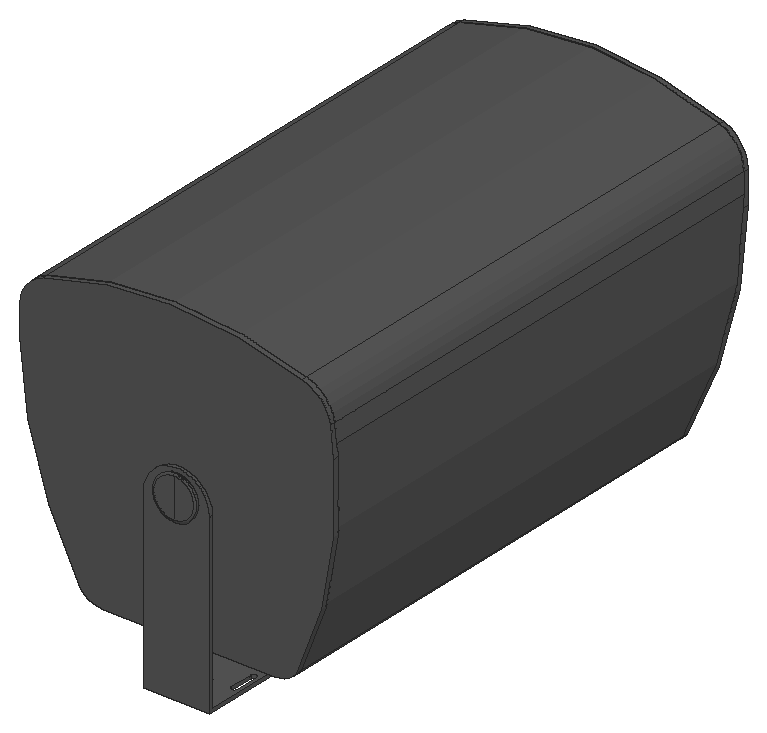
Revit family "Electronics_Desono_Biamp_Two-Way-High-Coaxial-Surface-Mount-Loudspeaker_EX-S10", category Communication Devices, host Face, Revit 2020
Family settings
  Host = Face
  Maintain Annotation Orientation = No
  Round Connector Dimension = Use Diameter
  Part Type = Normal
  OmniClass Number = 23.85.10.11.14.14.14
  Cut with Voids When Loaded = No
  Shared = No
  Room Calculation Point = No
Parameters (values of type "EX-S10-UB B")
  Width = 310 mm  # constant formula
  Weight = 15.20 kgf  # constant formula
  Vertical angle [instance] = 0.00°
  URL = "https://www.biamp.com/"
  Transducers = "LF 1 x 10 (250 mm) treated paper cone;HF 1 x 1.4 (35 mm) voice coil compression driver"  # constant formula
  Sensitivity = "1 m; 91 dB (2.83 V); 91 dB (1 W, 8 Ω)"  # constant formula
  Rotate bracket [instance] = if(Portrait, 0.00°, 90.00°)  # 0.00°
  Required Accessory = "48 Hz, 18 dB / oct. Butterworth high pass flter; DSP preset"  # constant formula
  Recommended Amplifers = "300 W - 600 W, 8 Ω (49 V - 69 V)"  # constant formula
  Rated Maximum SPL = "Peak - 126dB, Continuous - 114dB"  # constant formula
  Rated Continuous Voltage = "45.7 V (33 dBV)"  # constant formula
  Product data url = "https://bimobject.com/biamp/product/desono-ex-s10_desono-surface-mount"
  Product Page URL = "https://www.biamp.com/products/product-families/desono/surface-mount-loudspeakers#desono-ex-s10"
  Product Documentation Link = "https://downloads.biamp.com/assets/docs/default-source/data-sheets/biamp_data_sheet_desono_ex-s10_surface_mount_loudspeaker_feb22b.pdf"
  Portrait [instance] = yes
  Offset speaker [instance] = if(and(EXUB, Landscape), 149.4 mm, if(and(EXUB, Portrait), 124.7 mm, 325 mm))  # 124.7 mm
  Offset [instance] = if(and(EXUB, Landscape), 152.9 mm, if(and(EXUB, Portrait), 177.9 mm, 63.1 mm))  # 177.9 mm
  Nom Vertical angle [instance] = if(and(and(Portrait, not(EXUB)), or(Vertical angle < -32.00°, Vertical angle = -32.00°)), -32.00°, if(and(and(Portrait, not(EXUB)), and(Vertical angle > -32.00°, Vertical angle < 24.00°)), Vertical angle, if(and(and(Portrait, not(EXUB)), or(Vertical angle > 24.00°, Vertical angle = 24.00°)), 24.00°, if(and(and(Landscape, not(EXUB)), or(Vertical angle < -56.00°, Vertical angle = -56.00°)), -56.00°, if(and(and(Landscape, not(EXUB)), and(Vertical angle > -56.00°, Vertical angle < 40.00°)), Vertical angle, if(and(and(Landscape, not(EXUB)), or(Vertical angle > 40.00°, Vertical angle = 40.00°)), 40.00°, if(and(and(EXUB, Landscape), or(Vertical angle < -100.00°, Vertical angle = -100.00°)), -100.00°, if(and(and(EXUB, Landscape), and(Vertical angle > -100.00°, Vertical angle < 100.00°)), Vertical angle, if(and(and(EXUB, Landscape), or(Vertical angle > 100.00°, Vertical angle = 100.00°)), 100.00°, 0.00°)))))))))  # 0.00°
  Nom Horizontal angle [instance] = if(and(and(Portrait, not(EXUB)), or(Horizontal angle < -60.00°, Horizontal angle = -60.00°)), -60.00°, if(and(and(Portrait, not(EXUB)), and(Horizontal angle > -60.00°, Horizontal angle < 60.00°)), Horizontal angle, if(and(and(Portrait, not(EXUB)), or(Horizontal angle > 60.00°, Horizontal angle = 60.00°)), 60.00°, if(and(and(Landscape, not(EXUB)), or(Horizontal angle < -24.00°, Horizontal angle = -24.00°)), -24.00°, if(and(and(Landscape, not(EXUB)), and(Horizontal angle > -24.00°, Horizontal angle < 24.00°)), Horizontal angle, if(and(and(Landscape, not(EXUB)), or(Horizontal angle > 24.00°, Horizontal angle = 24.00°)), 24.00°, if(and(Landscape, EXUB), 0.00°, if(and(and(EXUB, Portrait), or(Horizontal angle < -100.00°, Horizontal angle = -100.00°)), -100.00°, if(and(and(EXUB, Portrait), and(Horizontal angle > -100.00°, Horizontal angle < 100.00°)), Horizontal angle, if(and(and(EXUB, Portrait), or(Horizontal angle > 100.00°, Horizontal angle = 100.00°)), 100.00°, 0.00°))))))))))  # 0.00°
  Operating Range (-10dB) = "48 Hz to 20 kHz "  # constant formula
  Operating Mode = "Passive with selectable low-impedance or 70 V/100 V operation"  # constant formula
  Operating Environment = "Indoor/Outdoor"  # constant formula
  Nominal Maximum SPL = "Peak - 124dB; Continuous - 118dB"  # constant formula
  Nominal Continuous Power Handling = "49 V  (300 W, 8 Ω Nominal Impedance)"  # constant formula
  Mounting Provisions = "ClickMount pan-tilt bracket or ClickMount U-Bracket"  # constant formula
  Model = "EX-S10-UB B"
  Manufacturer = "Biamp"  # constant formula
  Landscape [instance] = not(Portrait)  # no
  Input Connection = "Lever-actuated wire clamping 4-position terminal block with pass-through"  # constant formula
  Housing Material = Biamp - Plastic - Black
  Horizontal angle [instance] = 0.00°
  Height = 529 mm  # constant formula
  Grill Material = Biamp - Plastic - Black(Grid)
  Finish = "Refer to the Technical Drawings (pages 3-4)"  # constant formula
  Environmental Rating = "IP54 per IEC 60529, IEC 60068-2-5 (Solar Radiation),IEC 60068-2-11 (Salt Mist), IEC 60068-2-42 (SO2),IEC 60068-2-60 (Chlorine)"  # constant formula
  EXUB_PRT [instance] = and(EXUB, Portrait)  # yes
  EXUB_LSP [instance] = and(EXUB, Landscape)  # no
  EXUB = yes
  Description = "Desono™ EX-S10 Two-Way Coaxial 10 Surface Mount Loudspeaker"  # constant formula
  Depth = 312 mm  # constant formula
  Default Elevation = 1219.2 mm
  Crossover / Protection = "1.48 kHz crossover, driver protection circuitry"  # constant formula
  Controls = "Wattage / low impedance selector switch "  # constant formula
  Connector Description = "Terminal block; 40V 200W 8Ω Nominal Impedance, 70/100V operation"  # constant formula
  Compliance = "ETL listed to comply with UL 1480A;CSA STD C22.2# 62368-1; EN54-24, ISO 7240-24, IEC 62368-1"  # constant formula
  CMX-LG = no
  Bracket Material = Biamp - Plastic - Black
  Transformer = "70 V: 120 W, 60 W, 30 W, 15 W;  100 V: 120 W, 60 W, 30 W"  # constant formula
  Nominal Beamwidth (H x V) = "100° x 100°"  # constant formula
  Angle note [instance] = if(EXUB, "This product has predetermined angles in 10 degree increments", "This product has predetermined aiming increments of 8 degrees in the vertical plane and 12 degrees in the horizontal plane")  # "This product has predetermined angles in 10 degree increments"
Reference planes
  plane 1 "Center (Front/Back)": y = 0
  plane 2: z = 0
  plane 3 "Center (Left/Right)": x = 0
Forms (mm)
  Sweep 1, solid, material "Biamp - Plastic - Black" <- "Bracket Material", visible <- "EXUB", detail levels coarse
    path origin (0, 0, 0) x (0, 1, 0) y (-1, 0, 0)
      loop
        line (0, -33.138) -> (0, 32.862)
    profile origin (0.138, 0, 0) x (0, -1, 0) y (0, 0, 1)
      loop
        line (270, 0) -> (270, 215) -> (267, 215) -> (267, 3) -> (-267, 3) -> (-267, 215) -> (-270, 215) -> (-270, 0) -> (270, 0)
  Sweep 2, solid, material "Biamp - Plastic - Black" <- "Bracket Material", visible <- "EXUB", detail levels medium+fine
    path origin (0, 0, 0) x (0, 1, 0) y (-1, 0, 0)
      loop
        line (0, -33.138) -> (0, 32.862)
    profile origin (0.138, 0, 0) x (0, -1, 0) y (0, 0, 1)
      loop
        line (258.5, 0) -> (258.5, 215) -> (255.5, 215) -> (255.5, 3) -> (-255.5, 3) -> (-255.5, 215) -> (-258.5, 215) -> (-258.5, 0) -> (258.5, 0)
  Sweep 3, void
    path origin (0, 0, 0) x (0, 1, 0) y (-1, 0, 0)
      loop
        line (-270, -0.138) -> (270, -0.138)
    profile origin (0.138, 0, 0) x (-1, 0, 0) y (0, 0, 1)
      loop
        line (33, 175) -> (33, 215) -> (-33, 215) -> (-33, 175)
        arc (-33, 175) -> (0, 208) -> (33, 175) r 33
  Sweep 4, void
    path origin (0, 0, 0) x (0, 1, 0) y (-1, 0, 0)
      loop
        line (-270, -0.138) -> (270, -0.138)
    profile origin (0.138, 0, 0) x (-1, 0, 0) y (0, 0, 1)
      loop
        circle (0, 182) r 5
  Extrusion 5, void
    sketch origin (0, 0, 0) x (0, 1, 0) y (-1, 0, 0)
      loop
        circle (0, 0) r 6.5
      loop
        arc (-226.566, -2.156) -> (-222.5, -6.221) -> (-218.434, -2.156) r 4.066
        line (-218.434, -2.156) -> (-218.434, 2.156)
        arc (-218.434, 2.156) -> (-222.5, 6.221) -> (-226.566, 2.156) r 4.066
        line (-226.566, 2.156) -> (-226.566, -2.156)
      loop
        arc (-219.397, 29.559) -> (-222.5, 26.456) -> (-219.397, 23.353) r 3.103
        line (-219.397, 23.353) -> (-195.603, 23.353)
        arc (-195.603, 23.353) -> (-192.5, 26.456) -> (-195.603, 29.559) r 3.103
        line (-195.603, 29.559) -> (-219.397, 29.559)
      loop
        line (-219.397, -29.559) -> (-195.603, -29.559)
        arc (-195.603, -29.559) -> (-192.5, -26.456) -> (-195.603, -23.353) r 3.103
        line (-195.603, -23.353) -> (-219.397, -23.353)
        arc (-219.397, -23.353) -> (-222.5, -26.456) -> (-219.397, -29.559) r 3.103
      loop
        arc (-78, 6.5) -> (-84.5, 0) -> (-78, -6.5) r 6.5
        line (-78, -6.5) -> (-56, -6.5)
        arc (-56, -6.5) -> (-49.5, 0) -> (-56, 6.5) r 6.5
        line (-56, 6.5) -> (-78, 6.5)
      loop
        line (226.566, -2.156) -> (226.566, 2.156)
        arc (226.566, 2.156) -> (222.5, 6.221) -> (218.434, 2.156) r 4.066
        line (218.434, 2.156) -> (218.434, -2.156)
        arc (218.434, -2.156) -> (222.5, -6.221) -> (226.566, -2.156) r 4.066
      loop
        line (219.397, 29.559) -> (195.603, 29.559)
        arc (195.603, 29.559) -> (192.5, 26.456) -> (195.603, 23.353) r 3.103
        line (195.603, 23.353) -> (219.397, 23.353)
        arc (219.397, 23.353) -> (222.5, 26.456) -> (219.397, 29.559) r 3.103
      loop
        arc (219.397, -29.559) -> (222.5, -26.456) -> (219.397, -23.353) r 3.103
        line (219.397, -23.353) -> (195.603, -23.353)
        arc (195.603, -23.353) -> (192.5, -26.456) -> (195.603, -29.559) r 3.103
        line (195.603, -29.559) -> (219.397, -29.559)
      loop
        line (78, 6.5) -> (56, 6.5)
        arc (56, 6.5) -> (49.5, 0) -> (56, -6.5) r 6.5
        line (56, -6.5) -> (78, -6.5)
        arc (78, -6.5) -> (84.5, 0) -> (78, 6.5) r 6.5
    from 0 to 16.017
  Revolve 6, solid, material "Biamp - Plastic - Black" <- "Bracket Material", visible <- "EXUB", detail levels medium+fine
    sketch origin (0, 0, 0) x (0, 1, 0) y (0, 0, 1)
      loop
        line (258.5, 186.766) -> (248.5, 186.766) -> (248.5, 182.016) -> (261.407, 182.016) -> (261.407, 201.922)
        arc (261.407, 201.922) -> (261.169, 202.994) -> (260.5, 203.866) r 2.538
        line (260.5, 203.866) -> (258.5, 203.866) -> (258.5, 186.766)
      loop
        line (-258.5, 186.766) -> (-258.5, 203.866) -> (-260.5, 203.866)
        arc (-260.5, 203.866) -> (-261.169, 202.994) -> (-261.407, 201.922) r 2.538
        line (-261.407, 201.922) -> (-261.407, 182.016) -> (-248.5, 182.016) -> (-248.5, 186.766) -> (-258.5, 186.766)
      axis (261.407, 182.016) -> (-261.407, 182.016)
    angle from 0 to 360
Cuts and joins
  Sweep 3, Sweep 4, Extrusion 5 cuts Sweep 2
  Extrusion 5 cuts Sweep 1
Lines and regions (mm)
  Masking region 1, visible <- "EXUB_PRT"
    outline origin (0, 0, 0) x (1, 0, 0) y (0, 0, 1)
      loop
        arc (0.138, 208) -> (-23.196, 198.335) -> (-32.862, 175) r 33
        line (-32.862, 175) -> (-32.862, 0) -> (33.138, 0) -> (33.138, 175)
        arc (33.138, 175) -> (23.473, 198.335) -> (0.138, 208) r 33
  Masking region 2, visible <- "EXUB_PRT"
    outline origin (0, 0, 31.016) x (1, 0, 0) y (0, 0, 1)
      loop
        circle (0, 151) r 21.85
  Masking region 3, visible <- "EXUB_LSP", detail levels medium+fine
    outline origin (0, 0, 0) x (1, 0, 0) y (0, 0, 1)
      loop
        line (-255.5, 3) -> (-255.5, 207.83) -> (-258.5, 207.83) -> (-258.5, 0) -> (258.5, 0) -> (258.5, 207.83) -> (255.5, 207.83) -> (255.5, 3) -> (-255.5, 3)
  Masking region 4, visible <- "EXUB_LSP", detail levels coarse
    outline origin (0, 0, 0) x (1, 0, 0) y (0, 0, 1)
      loop
        line (-255.5, 3) -> (-255.5, 207.83) -> (-258.5, 207.83) -> (-258.5, 0) -> (258.5, 0) -> (258.5, 207.83) -> (255.5, 207.83) -> (255.5, 3) -> (-255.5, 3)
  Masking region 5, visible <- "EXUB_LSP", detail levels medium+fine
    outline origin (0, 0, 0) x (1, 0, 0) y (0, 0, 1)
      loop
        line (-258.5, 203.866) -> (-260.5, 203.866)
        arc (-260.5, 203.866) -> (-261.215, 202.97) -> (-261.47, 201.852) r 2.576
        line (-261.47, 201.852) -> (-261.47, 162.179)
        arc (-261.47, 162.179) -> (-261.215, 161.061) -> (-260.5, 160.165) r 2.576
        line (-260.5, 160.165) -> (-258.5, 160.165) -> (-258.5, 177.265) -> (-248.5, 177.265) -> (-248.5, 186.766) -> (-258.5, 186.766) -> (-258.5, 203.866)
      loop
        line (258.5, 203.866) -> (258.5, 186.766) -> (248.5, 186.766) -> (248.5, 177.265) -> (258.5, 177.265) -> (258.5, 160.165) -> (260.5, 160.165)
        arc (260.5, 160.165) -> (261.215, 161.061) -> (261.47, 162.179) r 2.576
        line (261.47, 162.179) -> (261.47, 201.852)
        arc (261.47, 201.852) -> (261.215, 202.97) -> (260.5, 203.866) r 2.576
        line (260.5, 203.866) -> (258.5, 203.866)
  Masking region 6, visible <- "EXUB_PRT", detail levels medium+fine
    outline origin (0, 0, 0) x (0, 1, 0) y (0, 0, 1)
      loop
        line (258.5, 208) -> (255.5, 208) -> (255.5, 3) -> (-255.5, 3) -> (-255.5, 208) -> (-258.5, 208) -> (-258.5, 0) -> (258.5, 0) -> (258.5, 208)
  Masking region 7, visible <- "EXUB_PRT", detail levels coarse
    outline origin (0, 0, 0) x (0, 1, 0) y (0, 0, 1)
      loop
        line (258.5, 208) -> (255.5, 208) -> (255.5, 3) -> (-255.5, 3) -> (-255.5, 208) -> (-258.5, 208) -> (-258.5, 0) -> (258.5, 0) -> (258.5, 208)
  Masking region 8, visible <- "EXUB_PRT", detail levels medium+fine
    outline origin (0, 0, 0) x (0, 1, 0) y (0, 0, 1)
      loop
        line (258.5, 203.866) -> (258.5, 186.766) -> (248.5, 186.766) -> (248.5, 177.265) -> (258.5, 177.265) -> (258.5, 160.165) -> (260.5, 160.165)
        arc (260.5, 160.165) -> (261.185, 161.243) -> (261.424, 162.496) r 3.403
        line (261.424, 162.496) -> (261.424, 201.535)
        arc (261.424, 201.535) -> (261.185, 202.789) -> (260.5, 203.866) r 3.403
        line (260.5, 203.866) -> (258.5, 203.866)
      loop
        line (-258.5, 203.866) -> (-260.5, 203.866)
        arc (-260.5, 203.866) -> (-261.185, 202.789) -> (-261.424, 201.535) r 3.403
        line (-261.424, 201.535) -> (-261.424, 162.496)
        arc (-261.424, 162.496) -> (-261.185, 161.243) -> (-260.5, 160.165) r 3.403
        line (-260.5, 160.165) -> (-258.5, 160.165) -> (-258.5, 177.265) -> (-248.5, 177.265) -> (-248.5, 186.766) -> (-258.5, 186.766) -> (-258.5, 203.866)
  Masking region 9, visible <- "EXUB_LSP"
    outline origin (0, 0, 0) x (0, 1, 0) y (0, 0, 1)
      loop
        arc (-0.138, 208) -> (-23.473, 198.335) -> (-33.138, 175) r 33
        line (-33.138, 175) -> (-33.138, 0) -> (32.862, 0) -> (32.862, 175)
        arc (32.862, 175) -> (23.196, 198.335) -> (-0.138, 208) r 33
  Masking region 10, visible <- "EXUB_LSP"
    outline origin (0, 0, 0) x (0, 1, 0) y (0, 0, 1)
      loop
        circle (0, 182.016) r 21.85
  reference lines
    curve 1: line (0, 0, 0) -> (0, 600, 0)
Dimensions and locks
  "Rotate bracket": angle curve 1 to plane 3 "Center (Left/Right)"
  aligned and locked: plane 2 to host face
  aligned and locked: level to host face
  aligned and locked: plane 1 "Center (Front/Back)" to curve 1
  aligned and locked: plane 3 "Center (Left/Right)" to curve 1
Automatic sketch dimensions
  host sketch curve to host sketch curve = 2438.4 mm  (x2)
  curve 1 to Sweep 1 sketch curve = 0 mm
  curve 1 to Sweep 1 sketch curve = 33.138 mm
  Sweep 1 sketch curve to Sweep 1 sketch curve = 66 mm
  Sweep 2 sketch curve to curve 1 = 0 mm
  Sweep 2 sketch curve to curve 1 = 33.138 mm
  curve 1 to Sweep 2 sketch curve = 32.862 mm
  Sweep 3 sketch curve to profile plane = 0 mm
  Sweep 3 sketch curve to profile plane = 33 mm
  level to Sweep 3 sketch curve = 175 mm
  Sweep 3 sketch curve to Sweep 3 sketch curve = 40 mm
  curve 1 to Sweep 4 sketch curve = 0.138 mm
  Sweep 4 sketch curve to curve 1 = 270 mm
  curve 1 to Sweep 4 sketch curve = 270 mm
  curve 1 to Sweep 3 sketch curve = 0.138 mm
  Sweep 3 sketch curve to curve 1 = 270 mm
  curve 1 to Sweep 3 sketch curve = 270 mm
  Extrusion 5 sketch curve to curve 1 = 0 mm  (x3)
  curve 1 to Extrusion 5 sketch curve = 0 mm
  Extrusion 5 sketch curve to Extrusion 5 sketch curve = 56 mm
  curve 1 to Extrusion 5 sketch curve = 6.5 mm  (x2)
  Extrusion 5 sketch curve to Extrusion 5 sketch curve = 22 mm  (x2)
  curve 1 to Extrusion 5 sketch curve = 26.456 mm
  Extrusion 5 sketch curve to Extrusion 5 sketch curve = 117.603 mm  (x2)
  Extrusion 5 sketch curve to curve 1 = 23.353 mm
  Extrusion 5 sketch curve to Extrusion 5 sketch curve = 0 mm  (x2)
  Extrusion 5 sketch curve to curve 1 = 2.156 mm  (x2)
  Extrusion 5 sketch curve to Extrusion 5 sketch curve = 22.832 mm  (x2)
  Extrusion 5 sketch curve to Extrusion 5 sketch curve = 23.794 mm  (x3)
  Extrusion 5 sketch curve to Extrusion 5 sketch curve = 4.066 mm  (x2)
  curve 1 to Extrusion 5 sketch curve = 56 mm
  curve 1 to Extrusion 5 sketch curve = 23.353 mm
  Extrusion 5 sketch curve to curve 1 = 29.559 mm
  Extrusion 5 sketch curve to Extrusion 5 sketch curve = 0.963 mm
  Extrusion 5 sketch curve to Extrusion 5 sketch curve = 6.206 mm  (x2)
  Extrusion 5 sketch curve to Extrusion 5 sketch curve = 3.103 mm  (x2)
  curve 1 to Extrusion 5 sketch curve = 2.156 mm  (x2)
  Revolve 6 sketch curve to curve 1 = 261.407 mm
  Revolve 6 sketch curve to Revolve 6 sketch curve = 0.907 mm  (x2)
  Revolve 6 sketch curve to Revolve 6 sketch curve = 1.631 mm
  Revolve 6 sketch curve to Revolve 6 sketch curve = 2.907 mm
  Revolve 6 sketch curve to Revolve 6 sketch curve = 10 mm  (x2)
  curve 1 to Revolve 6 sketch curve = 248.5 mm
  Revolve 6 sketch curve to Revolve 6 sketch curve = 0.369 mm
  Revolve 6 sketch curve to Revolve 6 sketch curve = 2 mm
  Revolve 6 sketch curve to curve 1 = 182.016 mm  (x2)
  Revolve 6 sketch curve to Revolve 6 sketch curve = 4.751 mm  (x2)
  Revolve 6 sketch curve to Revolve 6 sketch curve = 15.155 mm  (x2)
  Revolve 6 sketch curve to Revolve 6 sketch curve = 5.421 mm
  Revolve 6 sketch curve to Revolve 6 sketch curve = 8.923 mm
  Revolve 6 sketch curve to Revolve 6 sketch curve = 0 mm
  Masking region 1 sketch curve to Masking region 1 sketch curve = 0 mm  (x2)
  Masking region 1 sketch curve to level = 0 mm
  Masking region 1 sketch curve to plane 3 "Center (Left/Right)" = 32.862 mm
  plane 3 "Center (Left/Right)" to Masking region 1 sketch curve = 0.138 mm
  Masking region 1 sketch curve to Masking region 1 sketch curve = 175 mm
  Masking region 2 sketch curve to Masking region 2 sketch curve = 0 mm  (x2)
  Masking region 2 sketch curve to plane 3 "Center (Left/Right)" = 0 mm
  level to Masking region 2 sketch curve = 182.016 mm
  Masking region 2 sketch curve to Masking region 2 sketch curve = 21.85 mm
  Masking region 3 sketch curve to level = 0 mm
  Masking region 3 sketch curve to plane 3 "Center (Left/Right)" = 258.5 mm
  Masking region 3 sketch curve to Masking region 3 sketch curve = 3 mm  (x2)
  level to Masking region 3 sketch curve = 3 mm
  plane 3 "Center (Left/Right)" to Masking region 3 sketch curve = 255.5 mm
  Masking region 3 sketch curve to Masking region 3 sketch curve = 204.83 mm  (x2)
  Masking region 4 sketch curve to level = 0 mm
  Masking region 4 sketch curve to plane 3 "Center (Left/Right)" = 258.5 mm
  Masking region 4 sketch curve to Masking region 4 sketch curve = 3 mm  (x2)
  plane 3 "Center (Left/Right)" to Masking region 4 sketch curve = 255.5 mm
  level to Masking region 4 sketch curve = 3 mm
  Masking region 4 sketch curve to Masking region 4 sketch curve = 204.83 mm  (x2)
  Masking region 5 sketch curve to plane 3 "Center (Left/Right)" = 261.47 mm
  Masking region 5 sketch curve to Masking region 5 sketch curve = 0.97 mm  (x3)
  Masking region 5 sketch curve to Masking region 5 sketch curve = 1.606 mm
  Masking region 5 sketch curve to Masking region 5 sketch curve = 2.576 mm
  Masking region 5 sketch curve to Masking region 5 sketch curve = 0.394 mm  (x3)
  Masking region 5 sketch curve to Masking region 5 sketch curve = 2 mm  (x3)
  Masking region 5 sketch curve to Masking region 5 sketch curve = 10 mm  (x2)
  plane 3 "Center (Left/Right)" to Masking region 5 sketch curve = 248.5 mm
  Masking region 5 sketch curve to Masking region 5 sketch curve = 0 mm
  level to Masking region 5 sketch curve = 160.165 mm  (x2)
  Masking region 5 sketch curve to Masking region 5 sketch curve = 15.086 mm  (x4)
  Masking region 5 sketch curve to Masking region 5 sketch curve = 9.502 mm  (x2)
  Masking region 6 sketch curve to level = 0 mm
  plane 1 "Center (Front/Back)" to Masking region 6 sketch curve = 258.5 mm
  Masking region 6 sketch curve to Masking region 6 sketch curve = 3 mm  (x2)
  Masking region 6 sketch curve to plane 1 "Center (Front/Back)" = 255.5 mm
  level to Masking region 6 sketch curve = 3 mm
  Masking region 6 sketch curve to Masking region 6 sketch curve = 205 mm  (x2)
  Masking region 7 sketch curve to level = 0 mm
  plane 1 "Center (Front/Back)" to Masking region 7 sketch curve = 258.5 mm
  Masking region 7 sketch curve to Masking region 7 sketch curve = 3 mm  (x2)
  Masking region 7 sketch curve to plane 1 "Center (Front/Back)" = 255.5 mm
  level to Masking region 7 sketch curve = 3 mm
  Masking region 7 sketch curve to Masking region 7 sketch curve = 205 mm  (x2)
  plane 1 "Center (Front/Back)" to Masking region 8 sketch curve = 261.424 mm
  Masking region 8 sketch curve to Masking region 8 sketch curve = 0.924 mm  (x3)
  Masking region 8 sketch curve to Masking region 8 sketch curve = 2 mm  (x4)
  Masking region 8 sketch curve to Masking region 8 sketch curve = 0.479 mm  (x4)
  Masking region 8 sketch curve to Masking region 8 sketch curve = 10 mm
  Masking region 8 sketch curve to plane 1 "Center (Front/Back)" = 248.5 mm
  Masking region 8 sketch curve to Masking region 8 sketch curve = 9.521 mm  (x2)
  level to Masking region 8 sketch curve = 160.165 mm  (x2)
  Masking region 8 sketch curve to Masking region 8 sketch curve = 14.769 mm  (x4)
  Masking region 8 sketch curve to Masking region 8 sketch curve = 9.502 mm  (x2)
  Masking region 9 sketch curve to Masking region 9 sketch curve = 0 mm  (x2)
  Masking region 9 sketch curve to level = 0 mm
  plane 1 "Center (Front/Back)" to Masking region 9 sketch curve = 33.138 mm
  plane 1 "Center (Front/Back)" to Masking region 9 sketch curve = 0.138 mm
  Masking region 9 sketch curve to Masking region 9 sketch curve = 175 mm
  Masking region 10 sketch curve to Masking region 10 sketch curve = 0 mm  (x2)
  Masking region 10 sketch curve to plane 1 "Center (Front/Back)" = 0 mm
  level to Masking region 10 sketch curve = 182.016 mm
  Masking region 10 sketch curve to Masking region 10 sketch curve = 21.85 mm
  Sweep 1 sketch curve to profile plane = 0 mm
  profile plane to Sweep 1 sketch curve = 270 mm
  Sweep 1 sketch curve to Sweep 1 sketch curve = 3 mm  (x2)
  Sweep 1 sketch curve to profile plane = 267 mm
  profile plane to Sweep 1 sketch curve = 3 mm
  Sweep 1 sketch curve to Sweep 1 sketch curve = 212 mm  (x2)
  Sweep 4 sketch curve to profile plane = 0 mm
  profile plane to Sweep 4 sketch curve = 182 mm
  Sweep 2 sketch curve to profile plane = 0 mm
  profile plane to Sweep 2 sketch curve = 258.5 mm
  Sweep 2 sketch curve to Sweep 2 sketch curve = 3 mm  (x2)
  Sweep 2 sketch curve to profile plane = 255.5 mm
  profile plane to Sweep 2 sketch curve = 3 mm
  Sweep 2 sketch curve to Sweep 2 sketch curve = 212 mm  (x2)
  radius of Extrusion 5 sketch curve = 6.5 mm
  radius of Sweep 4 sketch curve = 5 mm
Nested families
  nested 1: "CMX-LG" at (0, 0, 0) x (0, 1, 0) z (0, 0, 1), Vertical angle <- "Nom Vertical angle", Horizontal angle <- "Nom Horizontal angle", Housing Material <- "Bracket Material", Vertical <- "Portrait", Offset <- "Offset", visible <- "CMX-LG", type "CMX-LG"
    with Vertical angle 0.00°, Vertical yes, Offset 177.9 mm, Housing Material Biamp - Plastic - Black, Horizontal angle 0.00°
  nested 2: "EX-S10" at (0, -0.138, 50.207) x (0, -1, 0) z (0, 0, 1), Offset <- "Offset speaker", Housing Material <- "Housing Material", Grill Material <- "Grill Material", type "EX-S10"
    with Offset 124.7 mm, Housing Material Biamp - Plastic - Black, Grill Material Biamp - Plastic - Black(Grid)
Connectors
  electrical at (0, -0.138, 47.407), driven by "Connector Description"
    settings: on nested 2, index 1, voltage 0 V, apparent load 0 VA, apparent load phase1 0 VA, apparent load phase2 0 VA, apparent load phase3 0 VA, power factor 1, load classification "Other", number of poles 1, system type 5, power factor state 1, is connector primary yes, connector utility no, sub classification motor no, connector description "Terminal block; 40V 200W 8Ω Nominal Impedance, 70/100V operation"
Definition of nested family "CMX-LG"
  Parameters (values of type "CMX-LG")
    Horizontal angle [instance] = 0.00°
    Vertical [instance] = yes
    Offset [instance] = 63.056 mm
    Housing Material [instance] = none
    Vertical angle [instance] = 30.00°
    Height = 0 mm
    Default Elevation = 1219.2 mm
  Reference planes
    plane 1 "Center (Front/Back)": y = 0
    plane 2: z = 0
    plane 3 "Center (Left/Right)": x = 0
    plane 4: z = 63.056
  Forms (mm)
    Extrusion 1, solid, material <- "Housing Material", detail levels coarse
      sketch origin (0, 0, 0) x (1, 0, 0) y (0, 1, 0)
        loop
          line (-80, 56) -> (-80, -56) -> (80, -56) -> (80, 56) -> (-80, 56)
      from 0 to 20
    Extrusion 2, solid, material <- "Housing Material", detail levels medium+fine
      sketch origin (0, 0, 0) x (0, 1, 0) y (0, 0, 1)
        loop
          line (56, 0) -> (56, 4.183)
          arc (56, 4.183) -> (52.896, 12.549) -> (45.087, 16.866) r 12.827
          arc (45.087, 16.866) -> (0, 20.247) -> (-45.087, 16.866) r 302.265
          arc (-45.087, 16.866) -> (-52.896, 12.549) -> (-56, 4.183) r 12.827
          line (-56, 4.183) -> (-56, 0) -> (56, 0)
      from -80 to 80
    Extrusion 3, void
      sketch origin (0, 0, 0) x (1, 0, 0) y (0, 0, 1)
        loop
          line (-80.495, -10.664) -> (-75.45, 17.947)
          arc (-75.45, 17.947) -> (-75.306, 18.377) -> (-75.041, 18.745) r 1.525
          arc (-75.041, 18.745) -> (-73.835, 19.722) -> (-72.432, 20.387) r 6.545
          line (-72.432, 20.387) -> (-72.432, 25) -> (-80.495, 25) -> (-80.495, -10.664)
        loop
          line (80.495, -10.664) -> (80.495, 25) -> (72.432, 25) -> (72.432, 20.387)
          arc (72.432, 20.387) -> (73.835, 19.722) -> (75.041, 18.745) r 6.545
          arc (75.041, 18.745) -> (75.306, 18.377) -> (75.45, 17.947) r 1.525
          line (75.45, 17.947) -> (80.495, -10.664)
      from -63.983 to 65.712
    Extrusion 4, void
      sketch origin (0, 0, 0) x (1, 0, 0) y (0, 1, 0)
        loop
          arc (-31.15, 33.05) -> (-38.221, 30.121) -> (-41.15, 23.05) r 10
          line (-41.15, 23.05) -> (-41.15, -23.05)
          arc (-41.15, -23.05) -> (-38.221, -30.121) -> (-31.15, -33.05) r 10
          line (-31.15, -33.05) -> (31.15, -33.05)
          arc (31.15, -33.05) -> (38.221, -30.121) -> (41.15, -23.05) r 10
          line (41.15, -23.05) -> (41.15, 23.05)
          arc (41.15, 23.05) -> (38.221, 30.121) -> (31.15, 33.05) r 10
          line (31.15, 33.05) -> (-31.15, 33.05)
      from 16.017 to 22.705
    Extrusion 5, void
      sketch origin (115, 0, 0) x (0, 0, -1) y (-1, 0, 0)
        loop
          line (-79.901, 155) -> (-79.901, 145.008) -> (-16.017, 155) -> (-79.901, 155)
        loop
          line (-79.901, 75) -> (-16.017, 75) -> (-79.901, 84.992) -> (-79.901, 75)
        loop
          line (-79.901, 97.5) -> (-16.017, 97.5) -> (-16.017, 132.5) -> (-79.901, 132.5) -> (-79.901, 97.5)
      from -27.272 to 27.706
    Extrusion 6, void
      sketch origin (115, 0, 0) x (0, 0, -1) y (0, -1, 0)
        loop
          circle (-63.68, 0) r 10.5
      from 49.62 to 167.206
    Sweep 7, solid, material <- "Housing Material"
      path origin (0, 0, 0) x (1, 0, 0) y (0, 1, 0)
        loop
          line (-40, -0.017) -> (40, -0.017)
      profile origin (0, -0.017, 0) x (0, 1, 0) y (0, 0, 1)
        loop
          spline (24.51, 16.017) -> (24.204, 19.179) -> (23.855, 22.337) -> (23.463, 25.49) -> (23.028, 28.637) -> (22.55, 31.779) -> (22.03, 34.914) -> (21.466, 38.042) -> (20.86, 41.162) -> (20.211, 44.274) -> (19.52, 47.377) -> (18.786, 50.471) -> (18.011, 53.556)
          arc (18.011, 53.556) -> (15.779, 61.587) -> (13.261, 69.533) r 233.192
          arc (13.261, 69.533) -> (0.02, 78.994) -> (-13.225, 69.538) r 14
          arc (-13.225, 69.538) -> (-20.469, 43.127) -> (-24.344, 16.017) r 218.032
          line (-24.344, 16.017) -> (24.51, 16.017)
  Cuts and joins
    Extrusion 3, Extrusion 4, Extrusion 5 cuts Extrusion 2
    Extrusion 4, Extrusion 5, Extrusion 6 cuts Extrusion 1
    Extrusion 5, Extrusion 6 cuts Sweep 7
  Lines and regions (mm)
    Masking region 1
      outline origin (0, 0, 0) x (1, 0, 0) y (0, 1, 0)
        loop
          line (-80, 56) -> (-80, -56) -> (80, -56) -> (80, 56) -> (-80, 56)
    Masking region 2
      outline origin (115, 0, 0) x (0, 0, 1) y (-1, 0, 0)
        loop
          line (0, 35.935) -> (20.009, 40.501) -> (20.009, 72.816) -> (79.276, 85.413) -> (79.276, 97.592) -> (20.009, 97.592) -> (20.009, 132.592) -> (79.276, 132.592) -> (79.276, 145.396) -> (20.009, 157.994) -> (20.009, 190.089) -> (0, 193.617) -> (0, 35.935)
    Masking region 3
      outline origin (115, 0, 0) x (0, 0, 1) y (0, -1, 0)
        loop
          line (0, 56.066) -> (0, -56.284) -> (4.183, -56.284)
          arc (4.183, -56.284) -> (12.549, -53.18) -> (16.866, -45.371) r 12.827
          arc (16.866, -45.371) -> (20.26, -0.109) -> (16.866, 45.153) r 303.439
          arc (16.866, 45.153) -> (12.549, 52.962) -> (4.183, 56.066) r 12.827
          line (4.183, 56.066) -> (0, 56.066)
    Masking region 4
      outline origin (115, 0, 0) x (0, 0, 1) y (0, -1, 0)
        loop
          arc (69.426, 13.161) -> (78.939, 0.724) -> (70.971, -12.755) r 14
          arc (70.971, -12.755) -> (62.324, -15.541) -> (53.576, -17.988) r 233.192
          spline (53.576, -17.988) -> (50.758, -18.699) -> (47.932, -19.375) -> (45.099, -20.015) -> (42.257, -20.619) -> (39.409, -21.189) -> (36.555, -21.722) -> (33.694, -22.221) -> (30.827, -22.683) -> (27.955, -23.109) -> (25.078, -23.5) -> (22.197, -23.855) -> (19.312, -24.174)
          arc (19.312, -24.174) -> (20.338, 0.001) -> (19.293, 24.176) r 282.488
          spline (19.293, 24.176) -> (22.18, 23.857) -> (25.062, 23.502) -> (27.941, 23.111) -> (30.814, 22.685) -> (33.683, 22.222) -> (36.545, 21.724) -> (39.401, 21.19) -> (42.251, 20.621) -> (45.094, 20.016) -> (47.929, 19.375) -> (50.757, 18.699) -> (53.576, 17.988)
          arc (53.576, 17.988) -> (61.561, 15.769) -> (69.462, 13.268) r 233.192
    reference lines
      curve 1: line (0, 0, 63.056) -> (0, 0, 88.1)
      curve 2: line (115, 0, 0) -> (115, 0, 15)
      curve 3: line (-17.895, 0, 88.1) -> (12.105, 0, 88.1)
      curve 4: line (0, 0, 88.1) -> (11.825, 0, 108.582)
  Dimensions and locks
    "Offset": plane 4 to plane 2
    "Horizontal angle": angle plane 1 "Center (Front/Back)" to curve 1
    "Vertical angle": angle curve 4 to curve 1
    aligned and locked: level to plane 2
    aligned and locked: plane 4 to curve 1
    aligned and locked: plane 1 "Center (Front/Back)" to curve 1
    aligned and locked: curve 3 to curve 4
    aligned and locked: curve 1 to curve 4
  Automatic sketch dimensions
    Extrusion 1 sketch curve to plane 3 "Center (Left/Right)" = 80 mm
    plane 3 "Center (Left/Right)" to Extrusion 1 sketch curve = 80 mm
    plane 1 "Center (Front/Back)" to Extrusion 1 sketch curve = 56 mm
    Extrusion 1 sketch curve to plane 1 "Center (Front/Back)" = 56 mm
    plane 1 "Center (Front/Back)" to Extrusion 4 sketch curve = 23.05 mm
    Extrusion 4 sketch curve to plane 3 "Center (Left/Right)" = 41.15 mm
    Extrusion 4 sketch curve to Extrusion 4 sketch curve = 10 mm  (x3)
    plane 3 "Center (Left/Right)" to Extrusion 4 sketch curve = 31.15 mm  (x2)
    Extrusion 4 sketch curve to plane 1 "Center (Front/Back)" = 23.05 mm
    plane 1 "Center (Front/Back)" to Sweep 7 sketch curve = 0.017 mm
    Sweep 7 sketch curve to plane 3 "Center (Left/Right)" = 40 mm
    plane 3 "Center (Left/Right)" to Sweep 7 sketch curve = 40 mm
    Sweep 7 sketch curve to level = 4.862 mm
    profile plane to Sweep 7 sketch curve = 207.746 mm
    Sweep 7 sketch curve to profile plane = 0.017 mm
    level to Sweep 7 sketch curve = 16.017 mm
    Sweep 7 sketch curve to profile plane = 24.51 mm
    Sweep 7 sketch curve to level = 1.221 mm
    Sweep 7 sketch curve to Sweep 7 sketch curve = 48.978 mm
    Sweep 7 sketch curve to level = 4.796 mm
    Sweep 7 sketch curve to Sweep 7 sketch curve = 9.935 mm
    profile plane to Sweep 7 sketch curve = 24.344 mm
    Sweep 7 sketch curve to Sweep 7 sketch curve = 13.242 mm
    Sweep 7 sketch curve to Sweep 7 sketch curve = 0 mm
    Sweep 7 sketch curve to profile plane = 13.261 mm
    Sweep 7 sketch curve to Sweep 7 sketch curve = 4.75 mm
    Masking region 1 sketch curve to plane 3 "Center (Left/Right)" = 80 mm
    plane 3 "Center (Left/Right)" to Masking region 1 sketch curve = 80 mm
    plane 1 "Center (Front/Back)" to Masking region 1 sketch curve = 56 mm
    Masking region 1 sketch curve to plane 1 "Center (Front/Back)" = 56 mm
    Extrusion 2 sketch curve to level = 0 mm
    Extrusion 2 sketch curve to plane 1 "Center (Front/Back)" = 0 mm
    level to Extrusion 2 sketch curve = 4.183 mm  (x2)
    plane 1 "Center (Front/Back)" to Extrusion 2 sketch curve = 43.173 mm
    Extrusion 2 sketch curve to Extrusion 2 sketch curve = 12.827 mm
    Extrusion 2 sketch curve to Extrusion 2 sketch curve = 1.913 mm  (x2)
    Extrusion 2 sketch curve to Extrusion 2 sketch curve = 0 mm  (x2)
    level to Extrusion 3 sketch curve = 25 mm
    Extrusion 3 sketch curve to plane 3 "Center (Left/Right)" = 80.495 mm
    level to Extrusion 3 sketch curve = 17.947 mm  (x2)
    Extrusion 3 sketch curve to Extrusion 3 sketch curve = 5.045 mm
    Extrusion 3 sketch curve to Extrusion 3 sketch curve = 1.502 mm  (x2)
    Extrusion 3 sketch curve to Extrusion 3 sketch curve = 1.516 mm  (x2)
    Extrusion 3 sketch curve to Extrusion 3 sketch curve = 3.599 mm
    level to Extrusion 3 sketch curve = 14.182 mm
    plane 3 "Center (Left/Right)" to Extrusion 3 sketch curve = 70.349 mm
    Extrusion 3 sketch curve to Extrusion 3 sketch curve = 2.083 mm
    Extrusion 3 sketch curve to Extrusion 3 sketch curve = 8.063 mm
    Extrusion 3 sketch curve to Extrusion 3 sketch curve = 3.765 mm
    Extrusion 3 sketch curve to level = 10.664 mm  (x2)
    Extrusion 3 sketch curve to Extrusion 3 sketch curve = 0.265 mm  (x2)
    Extrusion 3 sketch curve to Extrusion 3 sketch curve = 1.642 mm  (x2)
    Extrusion 3 sketch curve to Extrusion 3 sketch curve = 6.255 mm
    curve 2 to level = 0 mm
    level to curve 2 = 15 mm
    plane 3 "Center (Left/Right)" to curve 2 = 115 mm
    Masking region 2 sketch curve to curve 2 = 0 mm
    curve 2 to Masking region 2 sketch curve = 35.935 mm
    curve 2 to Masking region 2 sketch curve = 193.617 mm
    curve 2 to Masking region 2 sketch curve = 5.009 mm  (x3)
    Masking region 2 sketch curve to Masking region 2 sketch curve = 59.267 mm
    Masking region 2 sketch curve to Masking region 2 sketch curve = 0 mm
    curve 2 to Masking region 2 sketch curve = 40.501 mm
    curve 2 to Masking region 2 sketch curve = 72.816 mm
    Masking region 2 sketch curve to Masking region 2 sketch curve = 12.598 mm
    Masking region 2 sketch curve to Masking region 2 sketch curve = 12.179 mm
    Masking region 2 sketch curve to Masking region 2 sketch curve = 35 mm
    Masking region 2 sketch curve to Masking region 2 sketch curve = 12.804 mm
    curve 2 to Masking region 2 sketch curve = 157.994 mm
    curve 2 to Masking region 2 sketch curve = 190.089 mm
    curve 2 to Masking region 3 sketch curve = 0 mm
    curve 2 to Masking region 3 sketch curve = 56.066 mm
    curve 2 to Masking region 3 sketch curve = 0.109 mm
    curve 2 to Masking region 3 sketch curve = 4.183 mm  (x2)
    curve 2 to Masking region 3 sketch curve = 43.239 mm
    curve 2 to Masking region 3 sketch curve = 1.866 mm  (x2)
    Masking region 3 sketch curve to Masking region 3 sketch curve = 0 mm  (x2)
    curve 2 to Masking region 4 sketch curve = 0.109 mm  (x2)
    Masking region 4 sketch curve to curve 2 = 262.15 mm
    Masking region 4 sketch curve to curve 2 = 4.862 mm  (x2)
    curve 2 to Masking region 4 sketch curve = 49.963 mm
    Masking region 4 sketch curve to curve 2 = 207.763 mm
    curve 2 to Masking region 4 sketch curve = 207.763 mm
    Masking region 4 sketch curve to curve 2 = 4.796 mm  (x2)
    curve 2 to Masking region 4 sketch curve = 4.293 mm
    curve 2 to Masking region 4 sketch curve = 4.312 mm
    Masking region 4 sketch curve to Masking region 4 sketch curve = 11.388 mm  (x2)
    Masking region 4 sketch curve to Masking region 4 sketch curve = 4.462 mm
    Masking region 4 sketch curve to Masking region 4 sketch curve = 6.008 mm
    Masking region 4 sketch curve to Masking region 4 sketch curve = 0.036 mm
    curve 2 to Masking region 4 sketch curve = 12.755 mm
    curve 2 to Masking region 4 sketch curve = 24.174 mm
    Masking region 4 sketch curve to Masking region 4 sketch curve = 1.252 mm
    Masking region 4 sketch curve to curve 2 = 217.698 mm
    Masking region 4 sketch curve to Masking region 4 sketch curve = 0.107 mm
    curve 2 to Extrusion 5 sketch curve = 1.017 mm  (x3)
    Extrusion 5 sketch curve to Extrusion 5 sketch curve = 63.884 mm  (x2)
    Extrusion 5 sketch curve to Extrusion 5 sketch curve = 0 mm
    curve 2 to Extrusion 5 sketch curve = 75 mm
    Extrusion 5 sketch curve to Extrusion 5 sketch curve = 9.992 mm  (x2)
    curve 2 to Extrusion 5 sketch curve = 97.5 mm
    curve 2 to Extrusion 5 sketch curve = 132.5 mm
    Extrusion 5 sketch curve to Extrusion 5 sketch curve = 12.508 mm
    Extrusion 6 sketch curve to curve 2 = 0 mm
    curve 2 to Extrusion 6 sketch curve = 48.68 mm
    curve 3 to plane 3 "Center (Left/Right)" = 17.895 mm
    plane 3 "Center (Left/Right)" to curve 3 = 12.105 mm
    radius of Extrusion 6 sketch curve = 10.5 mm
  Nested families
    nested 1: "Family2" at (-17.5, 0, 82.207) x (0, 1, 0) z (1, 0, 0), Bracket Material <- "Housing Material", type "Family2"
      with Bracket Material none
    nested 2: "Family1" at (5.615, -30, 97.825) x (-0.866, 0, 0.5) z (0, 1, 0), Bracket Material <- "Housing Material", type "Family1"
      with Bracket Material none
    nested 3: "Bracket" at (20.888, 0, 124.278) x (0, -1, 0) z (0.5, 0, 0.866), Vertical <- "Vertical", Housing Material <- "Housing Material", type "Bracket"
      with Vertical yes, Rotate 0.00°, Housing Material none
  Definition of nested family "Family2"
    Parameters
      Height = 0 mm
      Default Elevation = 1219.2 mm
      Bracket Material [instance] = none
    Reference planes
      plane 1 "Center (Front/Back)": y = 0
      plane 2: z = 0
      plane 3 "Center (Left/Right)": x = 0
    Forms (mm)
      Extrusion 1, solid, material <- "Bracket Material"
        sketch origin (0, 0, 0) x (1, 0, 0) y (0, 1, 0)
          loop
            line (11.437, -20.349) -> (11.437, 20.349) -> (-11.437, 20.349) -> (-11.437, -20.362)
            arc (-11.437, -20.362) -> (-7.692, -27.701) -> (-0.001, -30.651) r 11.5
            arc (-0.001, -30.651) -> (7.696, -27.696) -> (11.437, -20.349) r 11.5
        from 0 to 35
      Extrusion 2, void
        sketch origin (-11.437, -20.362, 0) x (0, -1, 0) y (0, 0, -1)
          loop
            line (-40.711, -35) -> (-25.711, -35)
            arc (-25.711, -35) -> (-36.318, -30.607) -> (-40.711, -20) r 15
            line (-40.711, -20) -> (-40.711, -35)
          loop
            line (-40.711, 0) -> (-40.711, -15)
            arc (-40.711, -15) -> (-36.318, -4.393) -> (-25.711, 0) r 15
            line (-25.711, 0) -> (-40.711, 0)
        from 0 to 22.874
    Cuts and joins
      Extrusion 2 cuts Extrusion 1
    Lines and regions (mm)
      Masking region 1
        outline origin (0, 0, 0) x (1, 0, 0) y (0, 1, 0)
          loop
            line (-11.437, 20.349) -> (-11.437, -20.362)
            arc (-11.437, -20.362) -> (-7.692, -27.701) -> (-0.001, -30.651) r 11.5
            arc (-0.001, -30.651) -> (7.696, -27.696) -> (11.437, -20.349) r 11.5
            line (11.437, -20.349) -> (11.437, 20.349) -> (-11.437, 20.349)
      Masking region 2
        outline origin (0, 0, 0) x (1, 0, 0) y (0, 0, 1)
          loop
            line (-11.437, 35) -> (-11.437, 0) -> (11.437, 0) -> (11.437, 35) -> (-11.437, 35)
      Masking region 3
        outline origin (0, 0, 0) x (0, 1, 0) y (0, 0, 1)
          loop
            line (5.349, 35) -> (-30.66, 35) -> (-30.66, 0) -> (5.349, 0)
            arc (5.349, 0) -> (15.955, 4.393) -> (20.349, 15) r 15
            line (20.349, 15) -> (20.349, 20)
            arc (20.349, 20) -> (15.955, 30.607) -> (5.349, 35) r 15
    Dimensions and locks
      aligned and locked: level to plane 2
  Definition of nested family "Family1"
    Parameters (values of type "Family1")
      Height = 0 mm
      Default Elevation = 1219.2 mm
      Bracket Material [instance] = none
    Reference planes
      plane 1 "Center (Front/Back)": y = 0
      plane 2: z = 0
      plane 3 "Center (Left/Right)": x = 0
    Forms (mm)
      Extrusion 1, solid, material <- "Bracket Material"
        sketch origin (0, 0, 0) x (1, 0, 0) y (0, 1, 0)
          loop
            line (-30, 30.546) -> (-30, 8.516)
            arc (-30, 8.516) -> (-29.276, 6.768) -> (-27.527, 6.043) r 2.473
            line (-27.527, 6.043) -> (-21.517, 6.043)
            arc (-21.517, 6.043) -> (-20.105, 5.495) -> (-19.434, 4.138) r 2.091
            line (-19.434, 4.138) -> (-17.367, -17.183)
            arc (-17.367, -17.183) -> (-3.863, -30.162) -> (13.745, -23.776) r 17.723
            arc (13.745, -23.776) -> (27.031, 1.841) -> (30, 30.546) r 77.329
            line (30, 30.546) -> (-30, 30.546)
        from 0 to 60
      Extrusion 2, void
        sketch origin (30, 30.546, 0) x (0, -1, 0) y (0, 0, -1)
          loop
            line (20.8, -41.45) -> (107.24, -41.45) -> (107.24, -18.55) -> (20.8, -18.55) -> (20.8, -41.45)
        from -92.425 to 21.815
    Cuts and joins
      Extrusion 2 cuts Extrusion 1
    Lines and regions (mm)
      Masking region 1
        outline origin (0, 0, 0) x (1, 0, 0) y (0, 0, 1)
          loop
            line (-30.277, 60) -> (-30.277, 0) -> (30, 0) -> (30, 60) -> (-30.277, 60)
      Masking region 2
        outline origin (0, 0, 0) x (0, 1, 0) y (0, 0, 1)
          loop
            line (30.546, 60) -> (-30.547, 60) -> (-30.547, 41.45) -> (9.746, 41.45) -> (9.746, 18.55) -> (-30.547, 18.55) -> (-30.547, 0) -> (30.546, 0) -> (30.546, 60)
      Masking region 3
        outline origin (0, 0, 0) x (1, 0, 0) y (0, 1, 0)
          loop
            line (-30, 30.546) -> (-30, 8.516)
            arc (-30, 8.516) -> (-29.276, 6.768) -> (-27.527, 6.043) r 2.473
            line (-27.527, 6.043) -> (-21.517, 6.043)
            arc (-21.517, 6.043) -> (-20.105, 5.495) -> (-19.434, 4.138) r 2.091
            line (-19.434, 4.138) -> (-17.367, -17.183)
            arc (-17.367, -17.183) -> (-3.863, -30.162) -> (13.745, -23.776) r 17.723
            arc (13.745, -23.776) -> (27.031, 1.841) -> (30, 30.546) r 77.329
            line (30, 30.546) -> (-30, 30.546)
    Dimensions and locks
      aligned and locked: level to plane 2
  Definition of nested family "Bracket"
    Parameters (values of type "Bracket")
      Vertical [instance] = no
      Rotate [instance] = if(Vertical, 0.00°, 90.00°)  # 90.00°
      Housing Material [instance] = none
      Height = 0 mm
      Default Elevation = 1219.2 mm
    Reference planes
      plane 1 "Center (Front/Back)": y = 0
      plane 2: z = 0
      plane 3 "Center (Left/Right)": x = 0
    Forms (mm)
      Extrusion 1, solid, material <- "Housing Material"
        sketch origin (0, 0, 0) x (0.848048, -0.529919, 0) y (0.529919, 0.848048, 0)
          loop
            line (11.135, 48.229) -> (-48.229, 11.135) -> (-11.135, -48.229) -> (48.229, -11.135) -> (11.135, 48.229)
        from 0 to 3
    Lines and regions (mm)
      Masking region 1
        outline origin (0, 0, 0) x (1, 0, 0) y (0, 1, 0)
          loop
            line (-35, 35) -> (-35, -35) -> (35, -35) -> (35, 35) -> (-35, 35)
      Masking region 2
        outline origin (0, 0, 0) x (1, 0, 0) y (0, 0, 1)
          loop
            line (-35, 3) -> (-35, 0) -> (35, 0) -> (35, 3) -> (-35, 3)
      Masking region 3
        outline origin (0, 0, 0) x (0, 1, 0) y (0, 0, 1)
          loop
            line (-35, 3) -> (-35, 0) -> (35, 0) -> (35, 3) -> (-35, 3)
      reference lines
        curve 1: line (0, 0, 0) -> (160, 0, 0)
    Dimensions and locks
      "Rotate": angle curve 1 to plane 3 "Center (Left/Right)"
      aligned and locked: level to plane 2
      aligned and locked: plane 3 "Center (Left/Right)" to curve 1
      aligned and locked: plane 1 "Center (Front/Back)" to curve 1
    Automatic sketch dimensions
      Extrusion 1 sketch curve to curve 1 = 48.229 mm  (x2)
      Extrusion 1 sketch curve to curve 1 = 11.135 mm  (x2)
      curve 1 to Extrusion 1 sketch curve = 11.135 mm
      Masking region 1 sketch curve to curve 1 = 35 mm  (x2)
      curve 1 to Masking region 1 sketch curve = 35 mm  (x2)
      Masking region 2 sketch curve to level = 0 mm
      Masking region 2 sketch curve to plane 3 "Center (Left/Right)" = 35 mm
      plane 3 "Center (Left/Right)" to Masking region 2 sketch curve = 35 mm
      level to Masking region 2 sketch curve = 3 mm
      Masking region 3 sketch curve to level = 0 mm
      plane 1 "Center (Front/Back)" to Masking region 3 sketch curve = 35 mm
      Masking region 3 sketch curve to plane 1 "Center (Front/Back)" = 35 mm
      level to Masking region 3 sketch curve = 3 mm
Definition of nested family "EX-S10"
  Parameters (values of type "EX-S10")
    Offset [instance] = 127.53 mm
    Housing Material [instance] = none
    Height = 0 mm
    Grill Material [instance] = none
    Default Elevation = 1219.2 mm
  Reference planes
    plane 1 "Center (Front/Back)": y = 0
    plane 2: z = 0
    plane 3 "Center (Left/Right)": x = 0
  Forms (mm)
    Extrusion 1, solid, material <- "Housing Material", detail levels coarse
      sketch origin (0, 148.839, 127.53) x (0, -1, 0) y (0, 0, -1)
        loop
          line (233.943, 130.53) -> (63.735, 130.53)
          arc (63.735, 130.53) -> (51.235, 127.644) -> (41.265, 119.571) r 28.515
          arc (41.265, 119.571) -> (0, 0) -> (-5.961, -126.351) r 445.069
          arc (-5.961, -126.351) -> (2.112, -146.602) -> (19.809, -159.335) r 38.919
          arc (19.809, -159.335) -> (148.839, -181.47) -> (277.868, -159.335) r 387.142
          arc (277.868, -159.335) -> (295.566, -146.602) -> (303.639, -126.351) r 38.919
          arc (303.639, -126.351) -> (297.678, 0) -> (256.412, 119.571) r 445.069
          arc (256.412, 119.571) -> (246.443, 127.644) -> (233.943, 130.53) r 28.515
      from -264.6 to 264.6
    Extrusion 2, void
      sketch origin (0, 148.839, 127.53) x (1, 0, 0) y (0, -1, 0)
        loop
          line (-35, 113.839) -> (35, 113.839) -> (35, 183.839) -> (-35, 183.839) -> (-35, 113.839)
      from 127.5 to 130.53
    Extrusion 3, solid, material <- "Housing Material", detail levels medium+fine
      sketch origin (0, 148.839, 127.53) x (0, -1, 0) y (0, 0, -1)
        loop
          line (233.943, 130.53) -> (63.735, 130.53)
          arc (63.735, 130.53) -> (51.235, 127.644) -> (41.265, 119.571) r 28.515
          arc (41.265, 119.571) -> (1.925, 9.466) -> (-7.384, -107.084) r 445.069
          line (-7.384, -107.084) -> (7.637, -107.084)
          arc (7.637, -107.084) -> (8.211, -116.01) -> (8.971, -124.921) r 430.069
          arc (8.971, -124.921) -> (13.932, -137.368) -> (24.809, -145.193) r 23.919
          arc (24.809, -145.193) -> (148.839, -166.47) -> (272.869, -145.193) r 372.142
          arc (272.869, -145.193) -> (283.746, -137.368) -> (288.707, -124.921) r 23.919
          arc (288.707, -124.921) -> (289.467, -116.01) -> (290.041, -107.084) r 430.069
          line (290.041, -107.084) -> (305.062, -107.084)
          arc (305.062, -107.084) -> (295.753, 9.466) -> (256.412, 119.571) r 445.069
          arc (256.412, 119.571) -> (246.443, 127.644) -> (233.943, 130.53) r 28.515
      from -264.6 to 264.6
    Extrusion 4, solid, material <- "Grill Material", detail levels medium+fine
      sketch origin (0, 148.839, 127.53) x (0, -1, 0) y (0, 0, -1)
        loop
          arc (272.869, -145.193) -> (148.839, -166.47) -> (24.809, -145.193) r 372.142
          arc (24.809, -145.193) -> (13.932, -137.368) -> (8.971, -124.921) r 23.919
          arc (8.971, -124.921) -> (8.211, -116.01) -> (7.637, -107.084) r 430.069
          line (7.637, -107.084) -> (-7.384, -107.084)
          arc (-7.384, -107.084) -> (-6.777, -116.725) -> (-5.961, -126.351) r 445.069
          arc (-5.961, -126.351) -> (2.112, -146.602) -> (19.809, -159.335) r 38.919
          arc (19.809, -159.335) -> (148.839, -181.47) -> (277.868, -159.335) r 387.142
          arc (277.868, -159.335) -> (295.566, -146.602) -> (303.639, -126.351) r 38.919
          arc (303.639, -126.351) -> (304.455, -116.725) -> (305.062, -107.084) r 445.069
          line (305.062, -107.084) -> (290.041, -107.084)
          arc (290.041, -107.084) -> (289.467, -116.01) -> (288.707, -124.921) r 430.069
          arc (288.707, -124.921) -> (283.746, -137.368) -> (272.869, -145.193) r 23.919
      from -264.6 to 264.6
    Extrusion 5, void
      sketch origin (0, 0, 0) x (1, 0, 0) y (0, 0, 1)
        loop
          line (-259.802, 323.939) -> (-280.743, 344.88) -> (-280.743, -20.12) -> (-235.743, -20.12) -> (-259.802, 323.939)
        loop
          line (259.802, 323.939) -> (235.743, -20.12) -> (280.743, -20.12) -> (280.743, 344.88) -> (259.802, 323.939)
      from -208.713 to 285.786
    Extrusion 6, solid, material <- "Housing Material", detail levels medium+fine
      sketch origin (-260.158, 0, 329.028) x (0.069756, 0, -0.997564) y (0, -1, 0)
        loop
          arc (321.848, -107.577) -> (329.912, -97.672) -> (332.838, -85.24) r 28.49
          line (332.838, -85.24) -> (332.838, 85.24)
          arc (332.838, 85.24) -> (329.912, 97.672) -> (321.848, 107.577) r 28.49
          arc (321.848, 107.577) -> (217.104, 145.672) -> (106.193, 156.674) r 447.063
          arc (106.193, 156.674) -> (90.745, 156.004) -> (75.331, 154.798) r 447.227
          arc (75.331, 154.798) -> (55.178, 146.842) -> (42.382, 129.357) r 38.997
          arc (42.382, 129.357) -> (20.077, 0) -> (42.382, -129.357) r 386.258
          arc (42.382, -129.357) -> (55.178, -146.842) -> (75.331, -154.8) r 38.997
          arc (75.331, -154.8) -> (90.745, -156.004) -> (106.193, -156.674) r 447.227
          arc (106.193, -156.674) -> (217.104, -145.672) -> (321.848, -107.577) r 447.063
      from 0 to 5
    Extrusion 7, solid, material <- "Housing Material", detail levels medium+fine
      sketch origin (260.158, 0, 329.028) x (-0.069756, 0, -0.997564) y (0, 1, 0)
        loop
          arc (321.848, -107.577) -> (329.912, -97.672) -> (332.838, -85.24) r 28.49
          line (332.838, -85.24) -> (332.838, 85.24)
          arc (332.838, 85.24) -> (329.912, 97.672) -> (321.848, 107.577) r 28.49
          arc (321.848, 107.577) -> (217.104, 145.672) -> (106.193, 156.674) r 447.063
          arc (106.193, 156.674) -> (90.745, 156.004) -> (75.331, 154.798) r 447.227
          arc (75.331, 154.798) -> (55.178, 146.842) -> (42.382, 129.357) r 38.997
          arc (42.382, 129.357) -> (20.077, 0) -> (42.382, -129.357) r 386.258
          arc (42.382, -129.357) -> (55.178, -146.842) -> (75.331, -154.8) r 38.997
          arc (75.331, -154.8) -> (90.745, -156.004) -> (106.193, -156.674) r 447.227
          arc (106.193, -156.674) -> (217.104, -145.672) -> (321.848, -107.577) r 447.063
      from 0 to 5
  Cuts and joins
    Extrusion 2 cuts Extrusion 1
    Extrusion 5 cuts Extrusion 4
    Extrusion 2, Extrusion 5 cuts Extrusion 3
  Lines and regions (mm)
    Masking region 1
      outline origin (0, 0, 0) x (1, 0, 0) y (0, 1, 0)
        loop
          line (-264.6, 154.8) -> (-264.6, -154.8) -> (264.6, -154.8) -> (264.6, 154.8) -> (-264.6, 154.8)
    Masking region 2
      outline origin (0, 0, 127.53) x (1, 0, 0) y (0, 0, 1)
        loop
          line (-263.745, 181.121) -> (-241.928, -130.879) -> (241.928, -130.879) -> (263.745, 181.121) -> (-263.745, 181.121)
    Masking region 3
      outline origin (0, 148.839, 127.53) x (0, -1, 0) y (0, 0, -1)
        loop
          arc (41.265, 119.571) -> (0, 0) -> (-5.961, -126.351) r 445.069
          arc (-5.961, -126.351) -> (2.112, -146.602) -> (19.809, -159.335) r 38.919
          arc (19.809, -159.335) -> (148.839, -181.47) -> (277.868, -159.335) r 387.142
          arc (277.868, -159.335) -> (295.566, -146.602) -> (303.639, -126.351) r 38.919
          arc (303.639, -126.351) -> (297.678, 0) -> (256.412, 119.571) r 445.069
          arc (256.412, 119.571) -> (246.443, 127.644) -> (233.943, 130.53) r 28.515
          line (233.943, 130.53) -> (63.735, 130.53)
          arc (63.735, 130.53) -> (51.235, 127.644) -> (41.265, 119.571) r 28.515
    reference lines
      curve 1: line (0, 148.839, 127.53) -> (0, -148.839, 127.53)
      curve 2: line (-90, 0, 127.53) -> (145, 0, 127.53)
  Dimensions and locks
    "Offset": curve 1 to plane 2
    Extrusion 5 sketch curve to Extrusion 5 sketch curve = 365 mm  (x2)
    Extrusion 5 sketch curve to Extrusion 5 sketch curve = 344.059 mm  (x2)
    curve 2 to Extrusion 5 sketch curve = 147.65 mm  (x2)
    aligned and locked: level to plane 2
  Automatic sketch dimensions
    Masking region 1 sketch curve to plane 3 "Center (Left/Right)" = 264.6 mm
    plane 3 "Center (Left/Right)" to Masking region 1 sketch curve = 264.6 mm
    plane 1 "Center (Front/Back)" to Masking region 1 sketch curve = 154.8 mm
    Masking region 1 sketch curve to plane 1 "Center (Front/Back)" = 154.8 mm
    Extrusion 5 sketch curve to plane 3 "Center (Left/Right)" = 280.743 mm
    Extrusion 5 sketch curve to Extrusion 5 sketch curve = 20.941 mm  (x2)
    Extrusion 5 sketch curve to Extrusion 5 sketch curve = 45 mm
    plane 3 "Center (Left/Right)" to Extrusion 5 sketch curve = 235.743 mm
    plane 3 "Center (Left/Right)" to Extrusion 5 sketch curve = 259.802 mm
    curve 1 to Extrusion 1 sketch curve = 83.937 mm  (x2)
    Extrusion 1 sketch curve to curve 1 = 139.404 mm
    curve 1 to Extrusion 1 sketch curve = 32.781 mm
    curve 1 to Extrusion 1 sketch curve = 63.735 mm
    Extrusion 1 sketch curve to Extrusion 1 sketch curve = 85.104 mm
    Extrusion 1 sketch curve to curve 1 = 63.735 mm
    Extrusion 1 sketch curve to curve 1 = 32.781 mm
    curve 1 to Extrusion 1 sketch curve = 139.404 mm
    Extrusion 1 sketch curve to curve 1 = 122.642 mm  (x2)
    curve 1 to Extrusion 1 sketch curve = 102.015 mm  (x2)
    Extrusion 1 sketch curve to Extrusion 1 sketch curve = 28.515 mm
    Extrusion 1 sketch curve to Extrusion 1 sketch curve = 75.142 mm
    Extrusion 1 sketch curve to curve 1 = 5.961 mm
    Extrusion 1 sketch curve to Extrusion 1 sketch curve = 0 mm  (x3)
    Extrusion 1 sketch curve to Extrusion 1 sketch curve = 22.47 mm
    Extrusion 4 sketch curve to Extrusion 4 sketch curve = 0 mm  (x16)
    Extrusion 4 sketch curve to curve 1 = 139.404 mm
    Extrusion 4 sketch curve to curve 1 = 7.384 mm
    curve 1 to Extrusion 4 sketch curve = 7.637 mm
    Extrusion 4 sketch curve to Extrusion 4 sketch curve = 25.144 mm
    curve 1 to Extrusion 4 sketch curve = 148.839 mm
    Extrusion 4 sketch curve to curve 1 = 32.781 mm
    Extrusion 4 sketch curve to curve 1 = 7.637 mm
    curve 1 to Extrusion 4 sketch curve = 7.384 mm
    curve 1 to Extrusion 4 sketch curve = 83.937 mm  (x2)
    Extrusion 4 sketch curve to Extrusion 4 sketch curve = 132.02 mm
    Extrusion 4 sketch curve to curve 1 = 107.084 mm  (x2)
    Extrusion 4 sketch curve to Extrusion 4 sketch curve = 15.557 mm  (x2)
    curve 1 to Extrusion 4 sketch curve = 205.672 mm
    Extrusion 3 sketch curve to Extrusion 3 sketch curve = 0 mm  (x7)
    Extrusion 3 sketch curve to curve 1 = 139.404 mm
    Extrusion 3 sketch curve to curve 1 = 7.384 mm
    curve 1 to Extrusion 3 sketch curve = 7.637 mm
    Extrusion 3 sketch curve to Extrusion 3 sketch curve = 25.144 mm
    curve 1 to Extrusion 3 sketch curve = 63.735 mm
    Extrusion 3 sketch curve to Extrusion 3 sketch curve = 85.104 mm
    Extrusion 3 sketch curve to curve 1 = 63.735 mm
    Extrusion 3 sketch curve to curve 1 = 32.781 mm
    Extrusion 3 sketch curve to curve 1 = 7.637 mm
    curve 1 to Extrusion 3 sketch curve = 7.384 mm
    curve 1 to Extrusion 3 sketch curve = 83.937 mm  (x2)
    Extrusion 3 sketch curve to Extrusion 3 sketch curve = 132.02 mm
    Extrusion 3 sketch curve to curve 1 = 107.084 mm  (x2)
    Extrusion 3 sketch curve to Extrusion 3 sketch curve = 15.557 mm  (x2)
    curve 1 to Extrusion 3 sketch curve = 102.015 mm
    Extrusion 3 sketch curve to curve 1 = 102.015 mm
    Extrusion 3 sketch curve to Extrusion 3 sketch curve = 28.515 mm
    Extrusion 3 sketch curve to Extrusion 3 sketch curve = 75.142 mm
    curve 1 to curve 2 = 148.839 mm
    curve 1 to curve 2 = 90 mm
    curve 2 to curve 1 = 145 mm
    Extrusion 2 sketch curve to curve 1 = 35 mm
    curve 1 to Extrusion 2 sketch curve = 113.839 mm
    curve 1 to Extrusion 2 sketch curve = 35 mm
    Extrusion 2 sketch curve to Extrusion 2 sketch curve = 70 mm
    Extrusion 6 sketch curve to Extrusion 5 = 4.616 mm
    Extrusion 6 sketch curve to Extrusion 5 = 112.746 mm  (x2)
    Extrusion 6 sketch curve to Extrusion 6 sketch curve = 0.016 mm  (x2)
    Extrusion 6 sketch curve to Extrusion 6 sketch curve = 0.164 mm  (x2)
    Extrusion 6 sketch curve to Extrusion 5 = 101.092 mm
